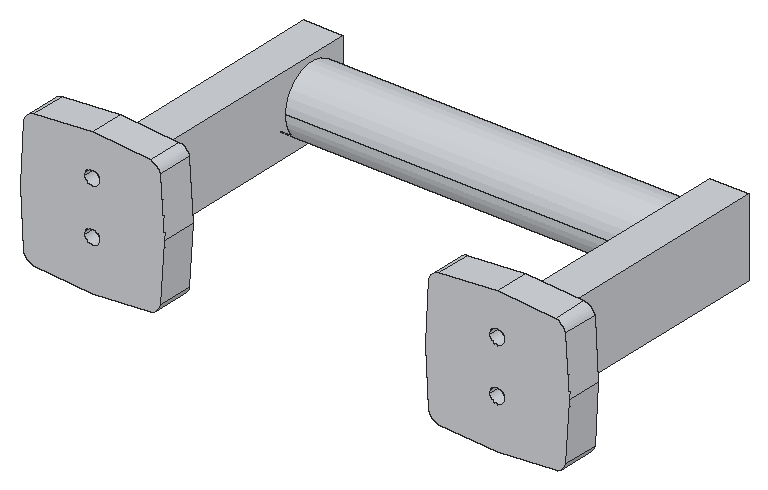
Revit family "AX8660_0007", category Appareils sanitaires, Revit 2016
Family settings
  Hôte = Mur
  Type d'élément = Normal
  Cote de connecteur circulaire = Utiliser le diamètre
  Numéro OmniClass = 23.75.00.00
  Titre OmniClass = Climate Control (HVAC)
  Toujours verticalement = Oui
  Couper avec des vides une fois chargée = Non
  Partagée = Non
  Point de calcul de pièce = Non
Parameters (values of type "Type 1")
  URL = "https://www.axeuro.com/fr/distributeurs-de-papier-toilette/15378-distributeur-economique-ax8660.html?search_query=ax8660&results=2"
  Type de produit / Type of product = "Double distributeur de papier toilette économique / Toilet tissue dispenser"  # constant formula
  Référence / Reference = "AX8660, AX8660P"  # constant formula
  Model = ""
  Manufacturer = ""
  Entreprise / Company = "Axeuro"  # constant formula
  Description = ""
Reference planes
  plane 1 "Mur": y = 0
  plane 2 "Centre (gauche/droite)": x = 0
  plane 3 "Arrière": y = 75
Forms (mm)
  Extrusion 1, solid
    sketch origin (75.127, 75, -3.042) x (1, 0, 0) y (0, 0, 1)
      loop
        line (1.655, 1690.699) -> (-11.819, 1690.699) -> (-11.819, 1663.799) -> (1.655, 1663.799) -> (1.655, 1690.699)
    from -100 to -12.275
  Extrusion 2, solid
    sketch origin (-64.963, 75, -3.042) x (1, 0, 0) y (0, 0, 1)
      loop
        line (1.655, 1690.699) -> (-11.819, 1690.699) -> (-11.819, 1663.799) -> (1.655, 1663.799) -> (1.655, 1690.699)
    from -100 to -12.275
  Extrusion 3, solid
    sketch origin (70.045, 0, 0.862) x (0, 1, 0) y (0, 0, 1)
      loop
        circle (161.349, 1673.345) r 11.625
    from -138.263 to -6.737
  Extrusion 4, solid
    sketch origin (-1167.128, 75, -140.409) x (1, 0, 0) y (0, 0, 1)
      loop
        arc (1257.307, 1838.115) -> (1247.265, 1839.205) -> (1237.173, 1839.606) r 147.77
        arc (1237.173, 1839.606) -> (1227.08, 1839.205) -> (1217.039, 1838.115) r 147.77
        arc (1217.039, 1838.115) -> (1214.783, 1837.062) -> (1213.5, 1834.928) r 4.26
        arc (1213.5, 1834.928) -> (1212.512, 1824.794) -> (1212.218, 1814.616) r 149.119
        arc (1212.218, 1814.616) -> (1212.512, 1804.438) -> (1213.5, 1794.304) r 149.119
        arc (1213.5, 1794.304) -> (1214.783, 1792.17) -> (1217.039, 1791.118) r 4.26
        arc (1217.039, 1791.118) -> (1227.08, 1790.027) -> (1237.173, 1789.626) r 147.77
        arc (1237.173, 1789.626) -> (1247.265, 1790.027) -> (1257.307, 1791.118) r 147.77
        arc (1257.307, 1791.118) -> (1259.563, 1792.17) -> (1260.846, 1794.304) r 4.26
        arc (1260.846, 1794.304) -> (1261.834, 1804.438) -> (1262.128, 1814.616) r 149.119
        arc (1262.128, 1814.616) -> (1261.834, 1824.794) -> (1260.846, 1834.928) r 149.119
        arc (1260.846, 1834.928) -> (1259.563, 1837.062) -> (1257.307, 1838.115) r 4.26
    from -12.275 to 0
  Extrusion 5, void
    sketch origin (70.045, 0, -1.029) x (1, 0, 0) y (0, 0, 1)
      loop
        circle (0, 1686) r 2.6
    from -79.516 to -75
  Extrusion 6, void
    sketch origin (70.045, 0, -19.329) x (1, 0, 0) y (0, 0, 1)
      loop
        circle (0, 1686) r 2.6
    from -79.516 to -75
  Extrusion 7, solid
    sketch origin (-1307.218, 75, -140.409) x (1, 0, 0) y (0, 0, 1)
      loop
        arc (1257.307, 1838.115) -> (1247.265, 1839.205) -> (1237.173, 1839.606) r 147.77
        arc (1237.173, 1839.606) -> (1227.08, 1839.205) -> (1217.039, 1838.115) r 147.77
        arc (1217.039, 1838.115) -> (1214.783, 1837.062) -> (1213.5, 1834.928) r 4.26
        arc (1213.5, 1834.928) -> (1212.512, 1824.794) -> (1212.218, 1814.616) r 149.119
        arc (1212.218, 1814.616) -> (1212.512, 1804.438) -> (1213.5, 1794.304) r 149.119
        arc (1213.5, 1794.304) -> (1214.783, 1792.17) -> (1217.039, 1791.118) r 4.26
        arc (1217.039, 1791.118) -> (1227.08, 1790.027) -> (1237.173, 1789.626) r 147.77
        arc (1237.173, 1789.626) -> (1247.265, 1790.027) -> (1257.307, 1791.118) r 147.77
        arc (1257.307, 1791.118) -> (1259.563, 1792.17) -> (1260.846, 1794.304) r 4.26
        arc (1260.846, 1794.304) -> (1261.834, 1804.438) -> (1262.128, 1814.616) r 149.119
        arc (1262.128, 1814.616) -> (1261.834, 1824.794) -> (1260.846, 1834.928) r 149.119
        arc (1260.846, 1834.928) -> (1259.563, 1837.062) -> (1257.307, 1838.115) r 4.26
    from -12.275 to 0
  Extrusion 8, void
    sketch origin (-70.045, 0, -1.029) x (1, 0, 0) y (0, 0, 1)
      loop
        circle (0, 1686) r 2.6
    from -79.516 to -75
  Extrusion 9, void
    sketch origin (-70.045, 0, -19.329) x (1, 0, 0) y (0, 0, 1)
      loop
        circle (0, 1686) r 2.6
    from -79.516 to -75
Cuts and joins
  Extrusion 5, Extrusion 6, Extrusion 8, Extrusion 9 cuts Extrusion 4
  Extrusion 8, Extrusion 9 cuts Extrusion 7
Text (mm)
  text "Côté de la mise en place" at (-1820.995, 1116.779, 0), in view "Niveau de réf."
  text "Côté de la mise en place" at (0, 1334.055, 2976.191), in view "Gauche"
  text "Côté de la mise en place" at (0, 439.194, 2944.362), in view "Droite"
Dimensions and locks
  locked: plane 3 "Arrière" to host wall
  aligned and locked: plane 1 "Mur" to host wall
